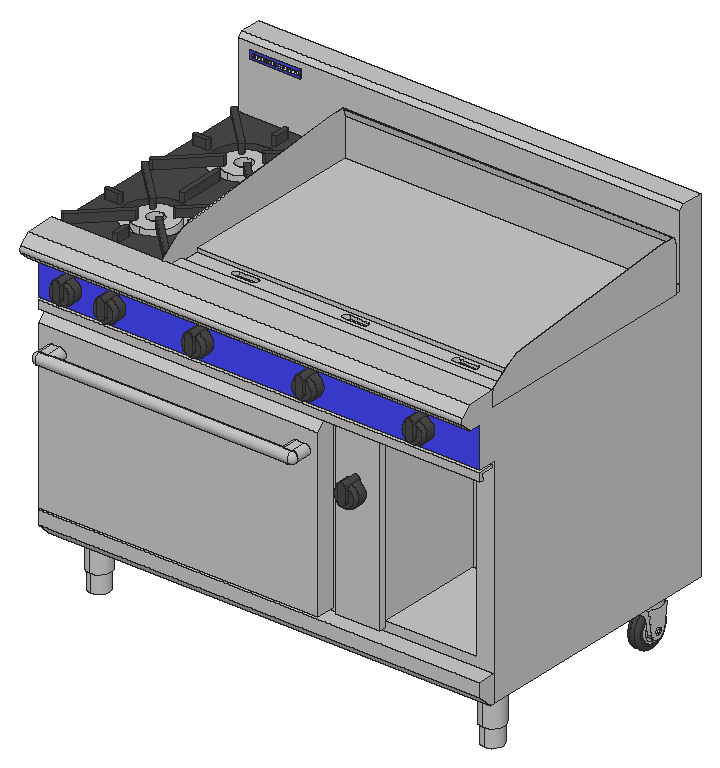
Revit family "QF_MOFFAT_BLUESEAL_CE_G58A", category Specialty Equipment, Revit 2012
Parameters
  Width = 1200 mm
  Weight in Pounds = 584
  Watts = 130 W
  Volts = 230 V
  URL Cutsheet = "www.moffat.com"
  URL = "www.moffat.com"
  Type Mark [instance] = ""
  Status [instance] = ""
  Specification by User [instance] = ""
  Specification by Manufacturer = ""
  Show Logo [instance] = yes
  Show Clearance [instance] = yes
  Show Casters [instance] = yes
  Serial Number = ""
  Seismic Rating = ""
  SMACNA No = ""
  Revision Code [instance] = ""
  Phase = 1
  Omniclass Number and Title = ""
  Number of Poles [instance] = 1
  NAFEM Spec ID Number = ""
  Model = "G58A"
  Min Ckt Ampacity = 0 A
  Mechanical Remarks = ""
  Mechanical Connection Type [instance] = ""
  Max Overcurrent Protection = 0 A
  Masterspec = ""
  Manufacturer = "MOFFAT BLUESEAL"
  Legs [instance] = not(Show Casters)  # no
  Item Number [instance] = ""
  Installed By [instance] = ""
  Identify Quantity as Lot [instance] = yes
  Height = 970 mm
  HP = ""
  Gas Size = 3/4"
  Gas RI Height [instance] = 0 mm
  Gas KW [instance] = 40.5
  Gas Input [instance] = 138381.0 Btu/h
  Gas Connection Height = 0 mm
  Furnished By [instance] = ""
  Foodservice Equipment Identifier [instance] = yes
  FL Amps = 0.6 A
  Electrical Remarks = ""
  Electric Connection Type = ""
  Elec Conn RI Height = 0 mm
  Elec Conn Connection Height = 0 mm
  Description = "1200MM GAS RANGE WITH CONVECTION OVEN"
  Depth = 812 mm
  Cycle = 60 Hz
  Conn Plug = ""
  Conn Conduit = yes
  CSI MasterFormat = ""
  CSI Master Format = ""
  Body Finish = QF_Finishes_Stainless Steel
  Apparent Power = 0 VA
Reference planes
  plane 1 "BACK": y = 0
  plane 2: z = 0
  plane 3 "LEFT": x = 0
  plane 4 "RIGHT": x = 1200
  plane 5 "FRONT": y = -812
  plane 6 "TOP": z = 970
  plane 7 "Center Y": x = 600
  plane 8 "Center X": y = -406
  plane 9: x = 280
  plane 10: y = -574.272
  plane 11: x = 60
  plane 12: y = -304.972
  plane 13: y = -364.972
  plane 14: x = 74
  plane 15: y = -812
  plane 16: x = 1134.5
  plane 17: y = -32
  plane 18: z = 655
  plane 19: x = 65.5
  plane 20: x = 65.8
  plane 21: z = 1085
  plane 22: y = -705
Forms (mm)
  Extrusion 1, solid, material "QF_Finishes_Stainless Steel" <- "Body Finish"
    sketch origin (0, 0, 0) x (0, 1, 0) y (0, 0, 1)
      loop
        line (0, 150) -> (0, 1085) -> (-57.5, 1085) -> (-70, 1072.5) -> (-70, 875) -> (-705, 875) -> (-705, 915) -> (-783.97, 915) -> (-808.49, 890.48)
        arc (-808.49, 890.48) -> (-812.002, 882) -> (-808.49, 873.52) r 11.993
        line (-808.49, 873.52) -> (-784.97, 850) -> (-749, 850) -> (-749, 740) -> (-699, 740) -> (-699, 150) -> (0, 150)
      loop
        line (-749, 222.5) -> (-749, 186) -> (-713.26, 150.26) -> (-701, 150.26) -> (-701, 222.5) -> (-749, 222.5)
      loop
        line (-749, 710) -> (-740.224, 710) -> (-742.613, 726.999) -> (-707.93, 726.999) -> (-707.93, 734.003) -> (-749, 734.003) -> (-749, 710)
    from 0 to 1200
  Extrusion 2, solid, material "QF_Finishes_Stainless Steel"
    sketch origin (0, 7, 0) x (0, 1, 0) y (0, 0, 1)
      loop
        line (-706, 700) -> (-732, 700) -> (-756, 676) -> (-756, 227.5) -> (-706, 227.5) -> (-706, 700)
    from 0 to 760
  Extrusion 3, solid, material "QF_Finishes_Stainless Steel"
    sketch origin (723.5, 7, 0) x (0, 1, 0) y (0, 0, 1)
      loop
        line (-706, 700) -> (-721, 700) -> (-721, 227.5) -> (-706, 227.5) -> (-706, 700)
    from 56.898 to 176.5
  Revolve 4, solid, material "QF_Finishes_Stainless Steel" <- "Body Finish"
    sketch origin (1134.5, -696.126, 0) x (0, 1, 0) y (0, 0, -1)
      loop
        line (39.376, -150) -> (71.126, -150) -> (71.126, 0) -> (43.626, 0) -> (43.626, -50) -> (39.376, -50) -> (39.376, -150)
      axis (71.126, -150) -> (71.126, 0)
    angle from 0 to 360
  Revolve 5, solid, material "QF_Finishes_Stainless Steel" <- "Body Finish"
    sketch origin (65.5, -696.126, 0) x (0, 1, 0) y (0, 0, 1)
      loop
        line (39.376, 150) -> (39.376, 50) -> (43.626, 50) -> (43.626, 0) -> (71.126, 0) -> (71.126, 150) -> (39.376, 150)
      axis (71.126, 150) -> (71.126, 0)
    angle from 0 to 360
  Extrusion 6, solid, material "QF_Finishes_Stainless Steel"
    sketch origin (-64.5, 0, 325) x (1, 0, 0) y (0, 1, 0)
      loop
        circle (1134.5, -32) r 10
    from 330 to 374.856
  Extrusion 7, void
    sketch origin (0, -703.73, 150) x (0, 0, -1) y (-1, 0, 0)
      loop
        line (-526, -900) -> (-526, -1150) -> (-96, -1150) -> (-96, -900) -> (-526, -900)
    from 0 to 304.8
  Extrusion 8, solid, material "QF_Finishes_Black"
    sketch origin (0, -70, 875) x (0, -1, 0) y (1, 0, 0)
      loop
        arc (1, 4) -> (1.879, 1.879) -> (4, 1) r 3
        line (4, 1) -> (632, 1)
        arc (632, 1) -> (634.121, 1.879) -> (635, 4) r 3
        line (635, 4) -> (635, 297.232)
        arc (635, 297.232) -> (634.121, 299.354) -> (632, 300.232) r 3
        line (632, 300.232) -> (4, 300.232)
        arc (4, 300.232) -> (1.879, 299.354) -> (1, 297.232) r 3
        line (1, 297.232) -> (1, 4)
      loop
        circle (167.5, 150) r 85
      loop
        circle (467.768, 150) r 85
    from 0 to 19.5
  Extrusion 9, solid, material "QF_Finishes_Black"
    sketch origin (0, -70, 894.5) x (0, -1, 0) y (1, 0, 0)
      loop
        spline (327.102, 15.153) -> (326.181, 13.924) -> (325.631, 12.47) -> (325.49, 10.89) -> (325.767, 9.292) -> (326.443, 7.786) -> (327.473, 6.473) -> (328.786, 5.443) -> (330.292, 4.767) -> (331.89, 4.49) -> (333.47, 4.631) -> (334.924, 5.181) -> (336.153, 6.102)
        line (336.153, 6.102) -> (444.076, 114.025)
        spline (444.076, 114.025) -> (444.837, 115.095) -> (445.238, 116.399) -> (445.251, 117.851) -> (444.875, 119.35) -> (444.137, 120.795) -> (443.086, 122.086) -> (441.795, 123.137) -> (440.35, 123.875) -> (438.851, 124.251) -> (437.399, 124.238) -> (436.095, 123.837) -> (435.025, 123.076)
        line (435.025, 123.076) -> (327.102, 15.153)
      loop
        line (611.398, 15.153) -> (503.475, 123.076)
        spline (503.475, 123.076) -> (502.405, 123.837) -> (501.101, 124.238) -> (499.649, 124.251) -> (498.15, 123.875) -> (496.705, 123.137) -> (495.414, 122.086) -> (494.363, 120.795) -> (493.625, 119.35) -> (493.249, 117.851) -> (493.262, 116.399) -> (493.663, 115.095) -> (494.424, 114.025)
        line (494.424, 114.025) -> (602.347, 6.102)
        spline (602.347, 6.102) -> (603.416, 5.341) -> (604.721, 4.941) -> (606.172, 4.928) -> (607.671, 5.303) -> (609.116, 6.041) -> (610.408, 7.092) -> (611.459, 8.384) -> (612.197, 9.829) -> (612.572, 11.328) -> (612.559, 12.779) -> (612.159, 14.084) -> (611.398, 15.153)
      loop
        spline (379.102, 143.6) -> (380.396, 143.818) -> (381.602, 144.457) -> (382.638, 145.475) -> (383.432, 146.8) -> (383.932, 148.344) -> (384.102, 150) -> (383.932, 151.656) -> (383.432, 153.2) -> (382.638, 154.525) -> (381.602, 155.543) -> (380.396, 156.182) -> (379.102, 156.4)
        line (379.102, 156.4) -> (259.398, 156.4)
        spline (259.398, 156.4) -> (258.104, 156.182) -> (256.898, 155.543) -> (255.862, 154.525) -> (255.068, 153.2) -> (254.568, 151.656) -> (254.398, 150) -> (254.568, 148.344) -> (255.068, 146.8) -> (255.862, 145.475) -> (256.898, 144.457) -> (258.104, 143.818) -> (259.398, 143.6)
        line (259.398, 143.6) -> (379.102, 143.6)
      loop
        spline (23.602, 15.153) -> (22.681, 13.924) -> (22.131, 12.47) -> (21.99, 10.89) -> (22.267, 9.292) -> (22.943, 7.786) -> (23.973, 6.473) -> (25.286, 5.443) -> (26.792, 4.767) -> (28.39, 4.49) -> (29.97, 4.631) -> (31.424, 5.181) -> (32.653, 6.102)
        line (32.653, 6.102) -> (140.576, 114.025)
        spline (140.576, 114.025) -> (141.337, 115.095) -> (141.738, 116.399) -> (141.751, 117.851) -> (141.375, 119.35) -> (140.637, 120.795) -> (139.586, 122.086) -> (138.295, 123.137) -> (136.85, 123.875) -> (135.351, 124.251) -> (133.899, 124.238) -> (132.595, 123.837) -> (131.525, 123.076)
        line (131.525, 123.076) -> (23.602, 15.153)
      loop
        line (311.398, 15.153) -> (203.475, 123.076)
        spline (203.475, 123.076) -> (202.405, 123.837) -> (201.101, 124.238) -> (199.649, 124.251) -> (198.15, 123.875) -> (196.705, 123.137) -> (195.414, 122.086) -> (194.363, 120.795) -> (193.625, 119.35) -> (193.249, 117.851) -> (193.262, 116.399) -> (193.663, 115.095) -> (194.424, 114.025)
        line (194.424, 114.025) -> (302.347, 6.102)
        spline (302.347, 6.102) -> (303.416, 5.341) -> (304.721, 4.941) -> (306.172, 4.928) -> (307.671, 5.303) -> (309.116, 6.041) -> (310.408, 7.092) -> (311.459, 8.384) -> (312.197, 9.829) -> (312.572, 11.328) -> (312.559, 12.779) -> (312.159, 14.084) -> (311.398, 15.153)
      loop
        line (327.102, 284.847) -> (435.025, 176.924)
        spline (435.025, 176.924) -> (436.095, 176.163) -> (437.399, 175.762) -> (438.851, 175.749) -> (440.35, 176.125) -> (441.795, 176.863) -> (443.086, 177.914) -> (444.137, 179.205) -> (444.875, 180.65) -> (445.251, 182.149) -> (445.238, 183.601) -> (444.837, 184.905) -> (444.076, 185.975)
        line (444.076, 185.975) -> (336.153, 293.898)
        spline (336.153, 293.898) -> (334.924, 294.819) -> (333.47, 295.369) -> (331.89, 295.51) -> (330.292, 295.233) -> (328.786, 294.557) -> (327.473, 293.527) -> (326.443, 292.214) -> (325.767, 290.708) -> (325.49, 289.11) -> (325.631, 287.53) -> (326.181, 286.076) -> (327.102, 284.847)
      loop
        spline (611.398, 284.847) -> (612.159, 285.916) -> (612.559, 287.221) -> (612.572, 288.672) -> (612.197, 290.171) -> (611.459, 291.616) -> (610.408, 292.908) -> (609.116, 293.959) -> (607.671, 294.697) -> (606.172, 295.072) -> (604.721, 295.059) -> (603.416, 294.659) -> (602.347, 293.898)
        line (602.347, 293.898) -> (494.424, 185.975)
        spline (494.424, 185.975) -> (493.663, 184.905) -> (493.262, 183.601) -> (493.249, 182.149) -> (493.625, 180.65) -> (494.363, 179.205) -> (495.414, 177.914) -> (496.705, 176.863) -> (498.15, 176.125) -> (499.649, 175.749) -> (501.101, 175.762) -> (502.405, 176.163) -> (503.475, 176.924)
        line (503.475, 176.924) -> (611.398, 284.847)
      loop
        line (23.602, 284.847) -> (131.525, 176.924)
        spline (131.525, 176.924) -> (132.595, 176.163) -> (133.899, 175.762) -> (135.351, 175.749) -> (136.85, 176.125) -> (138.295, 176.863) -> (139.586, 177.914) -> (140.637, 179.205) -> (141.375, 180.65) -> (141.751, 182.149) -> (141.738, 183.601) -> (141.337, 184.905) -> (140.576, 185.975)
        line (140.576, 185.975) -> (32.653, 293.898)
        spline (32.653, 293.898) -> (31.424, 294.819) -> (29.97, 295.369) -> (28.39, 295.51) -> (26.792, 295.233) -> (25.286, 294.557) -> (23.973, 293.527) -> (22.943, 292.214) -> (22.267, 290.708) -> (21.99, 289.11) -> (22.131, 287.53) -> (22.681, 286.076) -> (23.602, 284.847)
      loop
        spline (311.398, 284.847) -> (312.159, 285.916) -> (312.559, 287.221) -> (312.572, 288.672) -> (312.197, 290.171) -> (311.459, 291.616) -> (310.408, 292.908) -> (309.116, 293.959) -> (307.671, 294.697) -> (306.172, 295.072) -> (304.721, 295.059) -> (303.416, 294.659) -> (302.347, 293.898)
        line (302.347, 293.898) -> (194.424, 185.975)
        spline (194.424, 185.975) -> (193.663, 184.905) -> (193.262, 183.601) -> (193.249, 182.149) -> (193.625, 180.65) -> (194.363, 179.205) -> (195.414, 177.914) -> (196.705, 176.863) -> (198.15, 176.125) -> (199.649, 175.749) -> (201.101, 175.762) -> (202.405, 176.163) -> (203.475, 176.924)
        line (203.475, 176.924) -> (311.398, 284.847)
      loop
        spline (473.9, 292.104) -> (473.682, 293.398) -> (473.043, 294.604) -> (472.025, 295.64) -> (470.7, 296.434) -> (469.156, 296.934) -> (467.5, 297.104) -> (465.844, 296.934) -> (464.3, 296.434) -> (462.975, 295.64) -> (461.957, 294.604) -> (461.318, 293.398) -> (461.1, 292.104)
        line (461.1, 292.104) -> (461.1, 242.13)
        spline (461.1, 242.13) -> (461.318, 240.836) -> (461.957, 239.63) -> (462.975, 238.595) -> (464.3, 237.8) -> (465.844, 237.301) -> (467.5, 237.13) -> (469.156, 237.301) -> (470.7, 237.8) -> (472.025, 238.595) -> (473.043, 239.63) -> (473.682, 240.836) -> (473.9, 242.13)
        line (473.9, 242.13) -> (473.9, 292.104)
      loop
        spline (173.9, 292.104) -> (173.682, 293.398) -> (173.043, 294.604) -> (172.025, 295.64) -> (170.7, 296.434) -> (169.156, 296.934) -> (167.5, 297.104) -> (165.844, 296.934) -> (164.3, 296.434) -> (162.975, 295.64) -> (161.957, 294.604) -> (161.318, 293.398) -> (161.1, 292.104)
        line (161.1, 292.104) -> (161.1, 242.13)
        spline (161.1, 242.13) -> (161.318, 240.836) -> (161.957, 239.63) -> (162.975, 238.595) -> (164.3, 237.8) -> (165.844, 237.301) -> (167.5, 237.13) -> (169.156, 237.301) -> (170.7, 237.8) -> (172.025, 238.595) -> (173.043, 239.63) -> (173.682, 240.836) -> (173.9, 242.13)
        line (173.9, 242.13) -> (173.9, 292.104)
      loop
        spline (65.602, 143.6) -> (66.896, 143.818) -> (68.102, 144.457) -> (69.138, 145.475) -> (69.932, 146.8) -> (70.432, 148.344) -> (70.602, 150) -> (70.432, 151.656) -> (69.932, 153.2) -> (69.138, 154.525) -> (68.102, 155.543) -> (66.896, 156.182) -> (65.602, 156.4)
        line (65.602, 156.4) -> (29.398, 156.4)
        spline (29.398, 156.4) -> (28.104, 156.182) -> (26.898, 155.543) -> (25.862, 154.525) -> (25.068, 153.2) -> (24.568, 151.656) -> (24.398, 150) -> (24.568, 148.344) -> (25.068, 146.8) -> (25.862, 145.475) -> (26.898, 144.457) -> (28.104, 143.818) -> (29.398, 143.6)
        line (29.398, 143.6) -> (65.602, 143.6)
      loop
        spline (605.602, 143.6) -> (606.896, 143.818) -> (608.102, 144.457) -> (609.138, 145.475) -> (609.932, 146.8) -> (610.432, 148.344) -> (610.602, 150) -> (610.432, 151.656) -> (609.932, 153.2) -> (609.138, 154.525) -> (608.102, 155.543) -> (606.896, 156.182) -> (605.602, 156.4)
        line (605.602, 156.4) -> (569.398, 156.4)
        spline (569.398, 156.4) -> (568.104, 156.182) -> (566.898, 155.543) -> (565.862, 154.525) -> (565.068, 153.2) -> (564.568, 151.656) -> (564.398, 150) -> (564.568, 148.344) -> (565.068, 146.8) -> (565.862, 145.475) -> (566.898, 144.457) -> (568.104, 143.818) -> (569.398, 143.6)
        line (569.398, 143.6) -> (605.602, 143.6)
      loop
        line (460.626, 50.584) -> (460.626, 16.591)
        spline (460.626, 16.591) -> (460.844, 15.297) -> (461.483, 14.091) -> (462.501, 13.055) -> (463.826, 12.261) -> (465.37, 11.761) -> (467.026, 11.591) -> (468.682, 11.761) -> (470.226, 12.261) -> (471.551, 13.055) -> (472.569, 14.091) -> (473.208, 15.297) -> (473.426, 16.591)
        line (473.426, 16.591) -> (473.426, 50.584)
        spline (473.426, 50.584) -> (473.208, 51.878) -> (472.569, 53.084) -> (471.551, 54.119) -> (470.226, 54.914) -> (468.682, 55.413) -> (467.026, 55.584) -> (465.37, 55.413) -> (463.826, 54.914) -> (462.501, 54.119) -> (461.483, 53.084) -> (460.844, 51.878) -> (460.626, 50.584)
      loop
        line (160.11, 50.584) -> (160.11, 16.591)
        spline (160.11, 16.591) -> (160.328, 15.297) -> (160.967, 14.091) -> (161.984, 13.055) -> (163.31, 12.261) -> (164.853, 11.761) -> (166.51, 11.591) -> (168.166, 11.761) -> (169.71, 12.261) -> (171.035, 13.055) -> (172.052, 14.091) -> (172.692, 15.297) -> (172.91, 16.591)
        line (172.91, 16.591) -> (172.91, 50.584)
        spline (172.91, 50.584) -> (172.692, 51.878) -> (172.052, 53.084) -> (171.035, 54.119) -> (169.71, 54.914) -> (168.166, 55.413) -> (166.51, 55.584) -> (164.853, 55.413) -> (163.31, 54.914) -> (161.984, 54.119) -> (160.967, 53.084) -> (160.328, 51.878) -> (160.11, 50.584)
    from 0 to 23.5
  Revolve 10, solid, material "QF_Finishes_Black"
    sketch origin (90.649, 45.874, -0.118) x (0, 1, 0) y (0, 0, -1)
      loop
        line (-827.874, -829.5) -> (-804.874, -829.5) -> (-804.874, -802) -> (-794.874, -802) -> (-794.874, -797) -> (-838.874, -797) -> (-838.874, -823.651) -> (-827.874, -829.5)
      axis (-838.874, -797) -> (-794.874, -797)
    angle from 0 to 360
  Revolve 11, solid, material "QF_Finishes_Black"
    sketch origin (210.649, 45.874, -0.118) x (0, 1, 0) y (0, 0, -1)
      loop
        line (-827.874, -829.5) -> (-804.874, -829.5) -> (-804.874, -802) -> (-794.874, -802) -> (-794.874, -797) -> (-838.874, -797) -> (-838.874, -823.651) -> (-827.874, -829.5)
      axis (-838.874, -797) -> (-794.874, -797)
    angle from 0 to 360
  Revolve 12, solid, material "QF_Finishes_Black"
    sketch origin (450.345, 45.874, -0.118) x (0, 1, 0) y (0, 0, -1)
      loop
        line (-827.874, -829.5) -> (-804.874, -829.5) -> (-804.874, -802) -> (-794.874, -802) -> (-794.874, -797) -> (-838.874, -797) -> (-838.874, -823.651) -> (-827.874, -829.5)
      axis (-838.874, -797) -> (-794.874, -797)
    angle from 0 to 360
  Extrusion 13, solid, material "QF_Finishes_Black"
    sketch origin (238.456, 7, -0.118) x (-1, 0, 0) y (0, 0, -1)
      loop
        arc (158.3, -789) -> (148.3, -779) -> (138.3, -789) r 10
        line (138.3, -789) -> (138.3, -824)
        arc (138.3, -824) -> (148.3, -834) -> (158.3, -824) r 10
        line (158.3, -824) -> (158.3, -789)
    from 759 to 808
  Extrusion 14, solid, material "QF_Finishes_Black"
    sketch origin (358.456, 7, -0.118) x (-1, 0, 0) y (0, 0, -1)
      loop
        arc (158.3, -789) -> (148.3, -779) -> (138.3, -789) r 10
        line (138.3, -789) -> (138.3, -824)
        arc (138.3, -824) -> (148.3, -834) -> (158.3, -824) r 10
        line (158.3, -824) -> (158.3, -789)
    from 759 to 808
  Extrusion 15, solid, material "QF_Finishes_Black"
    sketch origin (598.152, 7, -0.118) x (-1, 0, 0) y (0, 0, -1)
      loop
        arc (158.3, -789) -> (148.3, -779) -> (138.3, -789) r 10
        line (138.3, -789) -> (138.3, -824)
        arc (138.3, -824) -> (148.3, -834) -> (158.3, -824) r 10
        line (158.3, -824) -> (158.3, -789)
    from 759 to 808
  Revolve 16, solid, material "QF_Finishes_Black"
    sketch origin (836.851, 80.874, -246.368) x (0, 1, 0) y (0, 0, 1)
      loop
        line (-827.874, 829.5) -> (-838.874, 823.651) -> (-838.874, 797) -> (-794.874, 797) -> (-794.874, 802) -> (-804.874, 802) -> (-804.874, 829.5) -> (-827.874, 829.5)
      axis (-838.874, 797) -> (-794.874, 797)
    angle from 0 to 360
  Extrusion 17, solid, material "QF_Finishes_Black"
    sketch origin (389.044, 42, -246.368) x (1, 0, 0) y (0, 0, 1)
      loop
        line (458.3, 789) -> (458.3, 824)
        arc (458.3, 824) -> (448.3, 834) -> (438.3, 824) r 10
        line (438.3, 824) -> (438.3, 789)
        arc (438.3, 789) -> (448.3, 779) -> (458.3, 789) r 10
    from 759 to 808
  Extrusion 18, solid, material "QF_Door-Drawer Clearances", visible <- "Show Clearance", detail levels coarse
    sketch origin (760, 7, 0) x (0, 1, 0) y (0, 0, 1)
      loop
        arc (-756, 697.347) -> (-1088.232, 559.732) -> (-1225.847, 227.5) r 469.847
        line (-1225.847, 227.5) -> (-756, 227.5) -> (-756, 697.347)
    from 0 to -760
  Extrusion 19, void
    sketch origin (0, 0, 150) x (-1, 0, 0) y (0, -1, 0)
      loop
        line (-1133.988, 87.26) -> (-1133.988, -30.24) -> (-1004.488, -30.24) -> (-1004.488, 38.76) -> (-1052.988, 87.26) -> (-1133.988, 87.26)
    from 72.5 to 549.856
  Extrusion 20, solid, material "QF_Finishes_Stainless Steel"
    sketch origin (0, -749, 227.5) x (0, 0, 1) y (-1, 0, 0)
      loop
        line (380.625, -38.246) -> (380.625, -58.528)
        arc (380.625, -58.528) -> (395.625, -73.528) -> (410.625, -58.528) r 15
        line (410.625, -58.528) -> (410.625, -38.246)
        arc (410.625, -38.246) -> (395.625, -23.246) -> (380.625, -38.246) r 15
      loop
        arc (380.625, -723.039) -> (395.625, -738.039) -> (410.625, -723.039) r 15
        line (410.625, -723.039) -> (410.625, -702.757)
        arc (410.625, -702.757) -> (395.625, -687.757) -> (380.625, -702.757) r 15
        line (380.625, -702.757) -> (380.625, -723.039)
    from 0 to 44
  Revolve 21, solid, material "QF_Finishes_Stainless Steel"
    sketch origin (0, -793, 0) x (1, 0, 0) y (0, 0, 1)
      loop
        arc (738.039, 623.125) -> (733.646, 633.732) -> (723.039, 638.125) r 15
        line (723.039, 638.125) -> (38.246, 638.125)
        arc (38.246, 638.125) -> (27.64, 633.732) -> (23.246, 623.125) r 15
        line (23.246, 623.125) -> (738.039, 623.125)
      axis (738.039, 623.125) -> (23.246, 623.125)
    angle from 0 to 360
  Extrusion 22, solid, material "QF_Finishes_Stainless Steel"
    sketch origin (0, -70, 875) x (0, -1, 0) y (1, 0, 0)
      loop
        circle (467.5, 150) r 57
      loop
        circle (167.5, 150) r 57
      loop
        circle (467.5, 150) r 22
      loop
        circle (167.5, 150) r 22
    from 0 to 19.5
  Extrusion 23, solid, material "QF_Finishes_Stainless Steel"
    sketch origin (0, 0, 0) x (1, 0, 0) y (0, 1, 0)
      loop
        circle (826, -501) r 6.35
    from 148.072 to 150
  Extrusion 24, solid, material "QF_Finishes_Stainless Steel", visible <- "Show Casters"
    sketch origin (71.501, 133.353, -8.783) x (0, 1, 0) y (0, 0, 1)
      loop
        line (-201.603, 118.783) -> (-265.103, 118.783) -> (-252.746, 53.895)
        arc (-252.746, 53.895) -> (-233.353, 38.783) -> (-213.959, 53.895) r 20
        line (-213.959, 53.895) -> (-201.603, 118.783)
    from -35.667 to 22.923
  Revolve 25, solid, material "QF_Finishes_Stainless Steel", visible <- "Show Casters"
    sketch origin (65, -203, 0) x (0, 1, 0) y (0, 0, 1)
      loop
        line (67.25, 150) -> (67.25, 110) -> (103, 110) -> (103, 150) -> (67.25, 150)
      axis (103, 150) -> (103, 110)
    angle from 0 to 360
  Revolve 26, solid, material "QF_Finishes_Stainless Steel", visible <- "Show Casters"
    sketch origin (1134.5, -203, 0) x (0, 1, 0) y (0, 0, -1)
      loop
        line (67.25, -150) -> (103, -150) -> (103, -110) -> (67.25, -110) -> (67.25, -150)
      axis (103, -150) -> (103, -110)
    angle from 0 to 360
  Revolve 27, solid, material "QF_Finishes_Stainless Steel", visible <- "Show Casters"
    sketch origin (1085.276, -99.755, -13.653) x (1, 0, 0) y (0, 0, 1)
      loop
        line (14.841, 64.453) -> (83.584, 64.453) -> (83.584, 67.958) -> (82.314, 69.228) -> (80.79, 69.228) -> (80.79, 72.674) -> (68.644, 72.674) -> (68.644, 82.639) -> (65.088, 84.692) -> (63.738, 93.028) -> (65.881, 93.028) -> (65.881, 99.378) -> (65.088, 99.378) -> (65.088, 105.728)
        arc (65.088, 105.728) -> (62.298, 112.463) -> (55.563, 115.253) r 9.525
        line (55.563, 115.253) -> (42.863, 115.253)
        arc (42.863, 115.253) -> (36.127, 112.463) -> (33.338, 105.728) r 9.525
        line (33.338, 105.728) -> (33.338, 99.378) -> (32.544, 99.378) -> (32.544, 93.028) -> (34.687, 93.028) -> (33.352, 84.781) -> (29.782, 82.719) -> (29.782, 72.674) -> (17.635, 72.674) -> (17.635, 69.228) -> (16.111, 69.228) -> (14.841, 67.958) -> (14.841, 64.453)
      axis (14.841, 64.453) -> (83.584, 64.453)
    angle from 0 to 360
  Extrusion 28, solid, material "QF_Finishes_Stainless Steel", visible <- "Show Casters"
    sketch origin (1141.001, 133.353, -8.783) x (0, 1, 0) y (0, 0, 1)
      loop
        line (-201.603, 118.783) -> (-265.103, 118.783) -> (-252.746, 53.895)
        arc (-252.746, 53.895) -> (-233.353, 38.783) -> (-213.959, 53.895) r 20
        line (-213.959, 53.895) -> (-201.603, 118.783)
    from -35.667 to 22.923
  Revolve 29, solid, material "QF_Finishes_Stainless Steel", visible <- "Legs"
    sketch origin (65, -165, 0) x (0, 1, 0) y (0, 0, 1)
      loop
        line (33.25, 150) -> (33.25, 50) -> (37.5, 50) -> (37.5, 0) -> (65, 0) -> (65, 150) -> (33.25, 150)
      axis (65, 150) -> (65, 0)
    angle from 0 to 360
  Revolve 30, solid, material "QF_Finishes_Stainless Steel", visible <- "Legs"
    sketch origin (1134.5, -165, 0) x (0, 1, 0) y (0, 0, -1)
      loop
        line (33.25, -150) -> (65, -150) -> (65, 0) -> (37.5, 0) -> (37.5, -50) -> (33.25, -50) -> (33.25, -150)
      axis (65, -150) -> (65, 0)
    angle from 0 to 360
  Revolve 31, solid, material "QF_Finishes_Stainless Steel", visible <- "Show Casters"
    sketch origin (114.224, -99.755, -13.653) x (-1, 0, 0) y (0, 0, -1)
      loop
        line (14.841, -64.453) -> (14.841, -67.958) -> (16.111, -69.228) -> (17.635, -69.228) -> (17.635, -72.674) -> (29.782, -72.674) -> (29.782, -82.719) -> (33.352, -84.781) -> (34.687, -93.028) -> (32.544, -93.028) -> (32.544, -99.378) -> (33.338, -99.378) -> (33.338, -105.728)
        arc (33.338, -105.728) -> (36.127, -112.463) -> (42.863, -115.253) r 9.525
        line (42.863, -115.253) -> (55.563, -115.253)
        arc (55.563, -115.253) -> (62.298, -112.463) -> (65.088, -105.728) r 9.525
        line (65.088, -105.728) -> (65.088, -99.378) -> (65.881, -99.378) -> (65.881, -93.028) -> (63.738, -93.028) -> (65.088, -84.692) -> (68.644, -82.639) -> (68.644, -72.674) -> (80.79, -72.674) -> (80.79, -69.228) -> (82.314, -69.228) -> (83.584, -67.958) -> (83.584, -64.453) -> (14.841, -64.453)
      axis (14.841, -64.453) -> (83.584, -64.453)
    angle from 0 to 360
  Revolve 32, solid, material "QF_Finishes_Black"
    sketch origin (750.232, 45.874, -0.118) x (0, 1, 0) y (0, 0, -1)
      loop
        line (-827.874, -829.5) -> (-804.874, -829.5) -> (-804.874, -802) -> (-794.874, -802) -> (-794.874, -797) -> (-838.874, -797) -> (-838.874, -823.651) -> (-827.874, -829.5)
      axis (-838.874, -797) -> (-794.874, -797)
    angle from 0 to 360
  Extrusion 33, solid, material "QF_Finishes_Black"
    sketch origin (898.039, 7, -0.118) x (-1, 0, 0) y (0, 0, -1)
      loop
        arc (158.3, -789) -> (148.3, -779) -> (138.3, -789) r 10
        line (138.3, -789) -> (138.3, -824)
        arc (138.3, -824) -> (148.3, -834) -> (158.3, -824) r 10
        line (158.3, -824) -> (158.3, -789)
    from 759 to 808
  Revolve 34, solid, material "QF_Finishes_Black"
    sketch origin (1050.119, 45.874, -0.118) x (0, 1, 0) y (0, 0, -1)
      loop
        line (-827.874, -829.5) -> (-804.874, -829.5) -> (-804.874, -802) -> (-794.874, -802) -> (-794.874, -797) -> (-838.874, -797) -> (-838.874, -823.651) -> (-827.874, -829.5)
      axis (-838.874, -797) -> (-794.874, -797)
    angle from 0 to 360
  Extrusion 35, solid, material "QF_Finishes_Black"
    sketch origin (1197.926, 7, -0.118) x (-1, 0, 0) y (0, 0, -1)
      loop
        arc (158.3, -789) -> (148.3, -779) -> (138.3, -789) r 10
        line (138.3, -789) -> (138.3, -824)
        arc (138.3, -824) -> (148.3, -834) -> (158.3, -824) r 10
        line (158.3, -824) -> (158.3, -789)
    from 759 to 808
Cuts and joins
  Extrusion 7, Extrusion 19 cuts Extrusion 1
Lines and regions (mm)
  Split face 1
    outline origin (1200, 0, 1085) x (-1, 0, 0) y (0, -1, 0)
      loop
        arc (935.206, 45.185) -> (926.545, 40.185) -> (926.545, 30.185) r 10
        line (926.545, 30.185) -> (930.587, 23.185)
        arc (930.587, 23.185) -> (934.247, 19.525) -> (939.247, 18.185) r 10
        line (939.247, 18.185) -> (1167.206, 18.185)
        arc (1167.206, 18.185) -> (1175.866, 23.185) -> (1175.866, 33.185) r 10
        line (1175.866, 33.185) -> (1171.824, 40.185)
        arc (1171.824, 40.185) -> (1168.164, 43.845) -> (1163.164, 45.185) r 10
        line (1163.164, 45.185) -> (935.206, 45.185)
  Split face 2
    outline origin (1200, 0, 1085) x (-1, 0, 0) y (0, -1, 0)
      loop
        arc (635.206, 45.185) -> (626.545, 40.185) -> (626.545, 30.185) r 10
        line (626.545, 30.185) -> (630.587, 23.185)
        arc (630.587, 23.185) -> (634.247, 19.525) -> (639.247, 18.185) r 10
        line (639.247, 18.185) -> (867.206, 18.185)
        arc (867.206, 18.185) -> (875.866, 23.185) -> (875.866, 33.185) r 10
        line (875.866, 33.185) -> (871.824, 40.185)
        arc (871.824, 40.185) -> (868.164, 43.845) -> (863.164, 45.185) r 10
        line (863.164, 45.185) -> (635.206, 45.185)
  Split face 3
    outline origin (1200, 0, 1085) x (-1, 0, 0) y (0, -1, 0)
      loop
        arc (335.206, 45.185) -> (326.545, 40.185) -> (326.545, 30.185) r 10
        line (326.545, 30.185) -> (330.587, 23.185)
        arc (330.587, 23.185) -> (334.247, 19.525) -> (339.247, 18.185) r 10
        line (339.247, 18.185) -> (567.206, 18.185)
        arc (567.206, 18.185) -> (575.866, 23.185) -> (575.866, 33.185) r 10
        line (575.866, 33.185) -> (571.824, 40.185)
        arc (571.824, 40.185) -> (568.164, 43.845) -> (563.164, 45.185) r 10
        line (563.164, 45.185) -> (335.206, 45.185)
  Split face 4
    outline origin (1200, 0, 1085) x (-1, 0, 0) y (0, -1, 0)
      loop
        arc (35.206, 45.185) -> (26.545, 40.185) -> (26.545, 30.185) r 10
        line (26.545, 30.185) -> (30.587, 23.185)
        arc (30.587, 23.185) -> (34.247, 19.525) -> (39.247, 18.185) r 10
        line (39.247, 18.185) -> (267.206, 18.185)
        arc (267.206, 18.185) -> (275.866, 23.185) -> (275.866, 33.185) r 10
        line (275.866, 33.185) -> (271.824, 40.185)
        arc (271.824, 40.185) -> (268.164, 43.845) -> (263.164, 45.185) r 10
        line (263.164, 45.185) -> (35.206, 45.185)
  symbolic lines
    curve 1: line (0, 0, 0) -> (0, -812, 0)
    curve 2: line (1200, 0, 0) -> (0, 0, 0)
    curve 3: line (1200, -812, 0) -> (1200, 0, 0)
    curve 4: line (0, -70, 0) -> (1200, -70, 0)
    curve 5: line (1200, -812, 0) -> (0, -812, 0)
    curve 6: line (1200, -708.3, 0) -> (0, -708.3, 0)
    curve 7: line (0, -705, 0) -> (1200, -705, 0)
    curve 8: line (1200, -72.734, 0) -> (0, -72.734, 0)
    curve 9: arc (22.65, -812, 0) -> (34.104, -822.278, 0) -> (48.889, -826.544, 0) r 34.455
    curve 10: line (48.889, -826.544, 0) -> (718.108, -826.544, 0)
    curve 11: arc (718.108, -826.544, 0) -> (732.653, -822.647, 0) -> (743.3, -812, 0) r 29.089
    curve 12: line (6.08, -94.387, 0) -> (121.515, -209.822, 0)
    curve 13: line (293.92, -94.387, 0) -> (178.485, -209.822, 0)
    curve 14: line (6.83, -379.864, 0) -> (121.515, -265.178, 0)
    curve 15: line (292.516, -379.21, 0) -> (178.485, -265.178, 0)
    curve 16: line (6.08, -398.155, 0) -> (121.515, -510.089, 0)
    curve 17: line (293.92, -398.155, 0) -> (178.485, -510.089, 0)
    curve 18: line (9.883, -677.078, 0) -> (121.515, -565.446, 0)
    curve 19: line (291.622, -678.583, 0) -> (178.485, -565.446, 0)
    curve 20: arc (150, -294.5, 0) -> (207, -237.5, 0) -> (150, -180.5, 0) r 57
    curve 21: arc (150, -180.5, 0) -> (93, -237.5, 0) -> (150, -294.5, 0) r 57
    curve 22: arc (150, -594.5, 0) -> (207, -537.5, 0) -> (150, -480.5, 0) r 57
    curve 23: arc (150, -480.5, 0) -> (93, -537.5, 0) -> (150, -594.5, 0) r 57
    curve 24: line (297.78, -237.81, 0) -> (237.78, -237.81, 0)
    curve 25: line (149.618, -450.258, 0) -> (149.618, -325.258, 0)
    curve 26: line (297.78, -537.81, 0) -> (237.78, -537.81, 0)
    curve 27: line (149.197, -139.807, 0) -> (149.197, -94.807, 0)
    curve 28: line (149.197, -674.807, 0) -> (149.197, -634.807, 0)
    curve 29: line (49.678, -236.51, 0) -> (14.678, -236.51, 0)
    curve 30: line (49.678, -536.51, 0) -> (14.678, -536.51, 0)
    curve 34: arc (150, -322.5, 0) -> (65, -237.5, 0) -> (150, -152.5, 0) r 85
    curve 35: arc (150, -152.5, 0) -> (235, -237.5, 0) -> (150, -322.5, 0) r 85
    curve 36: arc (150, -452.768, 0) -> (235, -537.768, 0) -> (150, -622.768, 0) r 85
    curve 37: arc (150, -622.768, 0) -> (65, -537.768, 0) -> (150, -452.768, 0) r 85
    curve 38: line (300.232, -72.734, 0) -> (300.232, -705, 0)
    curve 39: line (0, -390.308, 0) -> (300.232, -390.308, 0)
    curve 40: arc (150, -215.5, 0) -> (172, -237.5, 0) -> (150, -259.5, 0) r 22
    curve 41: arc (150, -259.5, 0) -> (128, -237.5, 0) -> (150, -215.5, 0) r 22
    curve 42: arc (150, -515.5, 0) -> (172, -537.5, 0) -> (150, -559.5, 0) r 22
    curve 43: arc (150, -559.5, 0) -> (128, -537.5, 0) -> (150, -515.5, 0) r 22
    curve 44: line (1160.753, -18.185, 0) -> (932.794, -18.185, 0)
    curve 45: arc (932.794, -18.185, 0) -> (924.134, -23.185, 0) -> (924.134, -33.185, 0) r 10
    curve 46: line (924.134, -33.185, 0) -> (928.176, -40.185, 0)
    curve 47: arc (928.176, -40.185, 0) -> (931.836, -43.845, 0) -> (936.836, -45.185, 0) r 10
    curve 48: line (936.836, -45.185, 0) -> (1164.794, -45.185, 0)
    curve 49: arc (1164.794, -45.185, 0) -> (1173.455, -40.185, 0) -> (1173.455, -30.185, 0) r 10
    curve 50: line (1173.455, -30.185, 0) -> (1169.413, -23.185, 0)
    curve 51: arc (1169.413, -23.185, 0) -> (1165.753, -19.525, 0) -> (1160.753, -18.185, 0) r 10
    curve 52: line (632.794, -18.185, 0) -> (860.753, -18.185, 0)
    curve 53: arc (860.753, -18.185, 0) -> (865.753, -19.525, 0) -> (869.413, -23.185, 0) r 10
    curve 54: line (869.413, -23.185, 0) -> (873.455, -30.185, 0)
    curve 55: arc (873.455, -30.185, 0) -> (873.455, -40.185, 0) -> (864.794, -45.185, 0) r 10
    curve 56: line (864.794, -45.185, 0) -> (636.836, -45.185, 0)
    curve 57: arc (636.836, -45.185, 0) -> (631.836, -43.845, 0) -> (628.176, -40.185, 0) r 10
    curve 58: line (628.176, -40.185, 0) -> (624.134, -33.185, 0)
    curve 59: arc (624.134, -33.185, 0) -> (624.134, -23.185, 0) -> (632.794, -18.185, 0) r 10
    curve 60: line (332.794, -18.185, 0) -> (560.753, -18.185, 0)
    curve 61: arc (560.753, -18.185, 0) -> (565.753, -19.525, 0) -> (569.413, -23.185, 0) r 10
    curve 62: line (569.413, -23.185, 0) -> (573.455, -30.185, 0)
    curve 63: arc (573.455, -30.185, 0) -> (573.455, -40.185, 0) -> (564.794, -45.185, 0) r 10
    curve 64: line (564.794, -45.185, 0) -> (336.836, -45.185, 0)
    curve 65: arc (336.836, -45.185, 0) -> (331.836, -43.845, 0) -> (328.176, -40.185, 0) r 10
    curve 66: line (328.176, -40.185, 0) -> (324.134, -33.185, 0)
    curve 67: arc (324.134, -33.185, 0) -> (324.134, -23.185, 0) -> (332.794, -18.185, 0) r 10
    curve 68: line (260.753, -18.185, 0) -> (32.794, -18.185, 0)
    curve 69: arc (32.794, -18.185, 0) -> (24.134, -23.185, 0) -> (24.134, -33.185, 0) r 10
    curve 70: line (24.134, -33.185, 0) -> (28.176, -40.185, 0)
    curve 71: arc (28.176, -40.185, 0) -> (31.836, -43.845, 0) -> (36.836, -45.185, 0) r 10
    curve 72: line (36.836, -45.185, 0) -> (264.794, -45.185, 0)
    curve 73: arc (264.794, -45.185, 0) -> (273.455, -40.185, 0) -> (273.455, -30.185, 0) r 10
    curve 74: line (273.455, -30.185, 0) -> (269.413, -23.185, 0)
    curve 75: arc (269.413, -23.185, 0) -> (265.753, -19.525, 0) -> (260.753, -18.185, 0) r 10
    curve 76: line (0, -57.5, 0) -> (1200, -57.5, 0)
    curve 77: line (0, -783.97, 0) -> (1200, -783.97, 0)
  symbolic lines, style "QF_Door-Drawer Clearances", visible <- "Show Clearance"
    curve 31: line (0, -1218.847, 0) -> (760, -1218.847, 0)
    curve 32: line (760, -1218.847, 0) -> (760, -812, 0)
    curve 33: line (0, -1218.847, 0) -> (0, -812, 0)
Dimensions and locks
  equal spacing: plane 3 "LEFT", plane 7 "Center Y", plane 4 "RIGHT"
  "Width": plane 3 "LEFT" to plane 4 "RIGHT"
  equal spacing: plane 5 "FRONT", plane 8 "Center X", plane 1 "BACK"
  plane 5 "FRONT" to plane 1 "BACK" = 812 mm  (x2)
  equal spacing: plane 4 "RIGHT", plane 7 "Center Y", plane 3 "LEFT"
  plane 4 "RIGHT" to plane 3 "LEFT" = 1200 mm
  "Height": plane 6 "TOP" to level
  plane 10 to plane 1 "BACK" = 574.272 mm
  plane 12 to plane 1 "BACK" = 304.972 mm  (x2)
  plane 11 to plane 3 "LEFT" = 60 mm
  plane 14 to plane 3 "LEFT" = 74 mm
  plane 9 to plane 3 "LEFT" = 280 mm
  "Depth": plane 1 "BACK" to plane 15
  plane 5 "FRONT" to plane 15 = 0 mm
  plane 6 "TOP" to plane 2 = 970 mm
  plane 2 to Extrusion 1 sketch curve = 875 mm
  locked: plane 2 to Extrusion 1 sketch curve at 915
  locked: plane 4 "RIGHT" to plane 16 at 65.5
  Extrusion 8 sketch curve to plane 20 = 64.8 mm
  Extrusion 23 sketch curve to plane 4 "RIGHT" = 374 mm
  Extrusion 23 sketch curve to plane 1 "BACK" = 501 mm
  plane 21 to level = 1085 mm
  Revolve 27 sketch curve to Revolve 27 sketch curve = 50.8 mm
  Revolve 31 sketch curve to Revolve 31 sketch curve = 50.8 mm
  aligned and locked: level to plane 2
  aligned and locked: curve 3 to plane 4 "RIGHT"
  aligned and locked: Extrusion 1 to plane 4 "RIGHT"
  aligned and locked: plane 16 to Revolve 4
  aligned and locked: Extrusion 18 to Extrusion 2
Automatic sketch dimensions
  curve 20 to curve 34 = 0 mm
  curve 21 to curve 35 = 0 mm
  curve 21 to curve 41 = 0 mm
  curve 22 to curve 43 = 0 mm
  curve 23 to curve 43 = 0 mm
  curve 35 to curve 41 = 0 mm
  plane 1 "BACK" to curve 1 = 0 mm
  curve 1 to plane 3 "LEFT" = 0 mm
  plane 5 "FRONT" to curve 9 = 0 mm
  plane 22 to curve 38 = 0 mm
  plane 3 "LEFT" to curve 16 = 6.08 mm
  plane 3 "LEFT" to curve 12 = 6.08 mm
  plane 3 "LEFT" to curve 14 = 6.83 mm
  plane 3 "LEFT" to curve 18 = 9.883 mm
  plane 3 "LEFT" to curve 29 = 14.678 mm
  plane 3 "LEFT" to curve 30 = 14.678 mm
  plane 3 "LEFT" to curve 9 = 22.65 mm
  curve 70 to plane 17 = 1.185 mm
  plane 3 "LEFT" to curve 70 = 24.134 mm
  curve 69 to curve 71 = 4.041 mm
  curve 69 to curve 69 = 8.66 mm
  curve 71 to curve 71 = 8.66 mm
  curve 10 to plane 11 = 11.111 mm
  curve 29 to plane 11 = 10.322 mm
  curve 30 to plane 11 = 10.322 mm
  curve 9 to plane 11 = 9.192 mm
  plane 10 to curve 18 = 8.826 mm
  plane 14 to curve 18 = 47.515 mm
  plane 14 to curve 14 = 47.515 mm
  plane 14 to curve 12 = 47.515 mm
  plane 14 to curve 16 = 47.515 mm
  curve 18 to curve 28 = 27.682 mm
  plane 14 to curve 27 = 75.197 mm
  curve 25 to plane 12 = 20.285 mm
  curve 14 to curve 25 = 28.103 mm
  curve 16 to curve 22 = 28.485 mm
  curve 12 to curve 41 = 28.485 mm
  curve 25 to curve 37 = 0.382 mm
  curve 42 to curve 17 = 28.485 mm
  curve 40 to curve 13 = 28.485 mm
  plane 10 to curve 19 = 8.826 mm
  curve 42 to curve 19 = 28.485 mm
  plane 12 to curve 15 = 39.794 mm
  curve 40 to curve 15 = 28.485 mm
  curve 24 to plane 9 = 42.22 mm
  curve 26 to plane 9 = 42.22 mm
  curve 68 to plane 9 = 19.247 mm
  curve 73 to plane 9 = 15.206 mm
  curve 75 to curve 75 = 8.66 mm
  plane 17 to curve 74 = 1.815 mm
  curve 74 to plane 9 = 6.545 mm
  plane 9 to curve 19 = 11.622 mm
  plane 9 to curve 15 = 12.516 mm
  plane 9 to curve 13 = 13.92 mm
  plane 9 to curve 17 = 13.92 mm
  plane 9 to curve 24 = 17.78 mm
  plane 9 to curve 26 = 17.78 mm
  plane 9 to curve 38 = 20.232 mm
  curve 67 to plane 17 = 1.185 mm
  plane 9 to curve 67 = 44.134 mm
  curve 66 to plane 17 = 8.185 mm
  curve 66 to curve 66 = 4.041 mm
  plane 17 to curve 67 = 13.815 mm
  curve 67 to curve 67 = 8.66 mm
  curve 65 to curve 64 = 8.66 mm
  curve 60 to plane 7 "Center Y" = 39.247 mm
  curve 61 to curve 64 = 4.041 mm
  curve 61 to curve 61 = 8.66 mm
  plane 17 to curve 63 = 1.815 mm
  curve 61 to curve 63 = 4.041 mm
  curve 59 to plane 17 = 1.185 mm
  plane 7 "Center Y" to curve 59 = 24.134 mm
  curve 59 to curve 57 = 4.041 mm  (x2)
  plane 17 to curve 59 = 13.815 mm
  curve 59 to curve 59 = 8.66 mm
  curve 57 to plane 17 = 3.185 mm
  curve 55 to plane 17 = 3.185 mm
  curve 53 to curve 55 = 4.041 mm
  plane 17 to curve 54 = 8.815 mm
  curve 53 to curve 54 = 8.66 mm
  plane 17 to curve 55 = 1.815 mm
  curve 54 to curve 55 = 4.041 mm
  curve 46 to plane 17 = 1.185 mm
  curve 54 to curve 46 = 50.679 mm
  curve 45 to curve 47 = 4.041 mm  (x2)
  curve 45 to curve 44 = 8.66 mm
  curve 47 to plane 17 = 3.185 mm
  plane 17 to curve 44 = 13.815 mm
  plane 16 to curve 44 = 26.253 mm
  curve 49 to plane 17 = 3.185 mm
  curve 51 to curve 49 = 4.041 mm
  curve 51 to curve 51 = 8.66 mm
  plane 17 to curve 50 = 1.815 mm
  curve 51 to curve 50 = 4.041 mm
  plane 5 "FRONT" to curve 9 = 14.544 mm
  curve 33 to curve 9 = 392.303 mm
  curve 77 to plane 5 "FRONT" = 28.03 mm
  plane 22 to curve 6 = 3.3 mm
  curve 19 to plane 22 = 26.417 mm
  curve 18 to plane 22 = 27.922 mm
  curve 28 to plane 22 = 30.193 mm
  curve 28 to curve 28 = 40 mm
  curve 28 to curve 36 = 12.039 mm
  curve 23 to plane 10 = 20.228 mm
  plane 10 to curve 42 = 14.772 mm
  plane 10 to curve 26 = 36.462 mm
  curve 42 to curve 36 = 21.732 mm
  curve 36 to curve 42 = 0.268 mm
  plane 10 to curve 30 = 37.763 mm
  curve 43 to curve 16 = 5.411 mm
  curve 42 to curve 17 = 5.411 mm
  curve 37 to curve 25 = 2.51 mm
  plane 8 "Center X" to curve 16 = 7.845 mm
  plane 8 "Center X" to curve 17 = 7.845 mm
  curve 17 to curve 39 = 7.846 mm
  curve 39 to curve 14 = 10.445 mm
  curve 39 to curve 15 = 11.099 mm
  curve 25 to curve 34 = 2.758 mm
  plane 12 to curve 21 = 10.472 mm
  plane 12 to curve 14 = 39.794 mm
  curve 14 to curve 41 = 5.678 mm
  curve 15 to curve 24 = 27.368 mm
  curve 40 to curve 34 = 22 mm
  plane 12 to curve 29 = 68.463 mm
  curve 40 to curve 13 = 5.678 mm
  curve 41 to curve 12 = 5.678 mm
  curve 34 to curve 27 = 12.693 mm
  curve 27 to curve 27 = 45 mm
  curve 13 to plane 17 = 62.387 mm
  curve 12 to plane 17 = 62.387 mm
  curve 12 to curve 8 = 21.653 mm
  curve 8 to curve 4 = 2.734 mm
  curve 4 to curve 76 = 12.5 mm
  curve 73 to plane 17 = 13.185 mm
  curve 63 to plane 17 = 13.185 mm
  curve 70 to curve 69 = 7 mm
  plane 17 to curve 75 = 3.815 mm
  plane 17 to curve 61 = 3.815 mm
  plane 17 to curve 51 = 3.815 mm
  plane 17 to curve 69 = 3.815 mm
  Extrusion 1 sketch curve to plane 22 = 0 mm
  Extrusion 1 sketch curve to plane 21 = 0 mm
  Extrusion 1 sketch curve to plane 1 "BACK" = 0 mm
  plane 22 to Extrusion 1 sketch curve = 2.93 mm
  plane 22 to Extrusion 1 sketch curve = 8.26 mm
  plane 22 to Extrusion 1 sketch curve = 35.224 mm
  Extrusion 1 sketch curve to Extrusion 1 sketch curve = 2.389 mm
  plane 22 to Extrusion 1 sketch curve = 44 mm  (x2)
  Extrusion 1 sketch curve to Extrusion 1 sketch curve = 8.776 mm
  Extrusion 1 sketch curve to plane 5 "FRONT" = 28.03 mm
  Extrusion 1 sketch curve to plane 5 "FRONT" = 27.03 mm
  Extrusion 1 sketch curve to plane 5 "FRONT" = 11.991 mm
  Extrusion 1 sketch curve to plane 5 "FRONT" = 3.51 mm  (x2)
  Extrusion 1 sketch curve to plane 22 = 4 mm
  Extrusion 1 sketch curve to Extrusion 1 sketch curve = 2 mm
  Extrusion 1 sketch curve to plane 21 = 12.5 mm
  Extrusion 1 sketch curve to plane 17 = 38 mm
  Extrusion 1 sketch curve to Extrusion 1 sketch curve = 12.5 mm
  Extrusion 1 sketch curve to Extrusion 1 sketch curve = 41.48 mm
  Extrusion 1 sketch curve to Extrusion 1 sketch curve = 23.52 mm
  plane 18 to Extrusion 1 sketch curve = 85 mm
  Extrusion 1 sketch curve to Extrusion 1 sketch curve = 5.997 mm
  Extrusion 1 sketch curve to Extrusion 1 sketch curve = 7.004 mm
  Extrusion 1 sketch curve to Extrusion 1 sketch curve = 16.999 mm
  level to Extrusion 1 sketch curve = 222.5 mm
  Extrusion 1 sketch curve to Extrusion 1 sketch curve = 36.5 mm
  Extrusion 1 sketch curve to Extrusion 1 sketch curve = 35.74 mm
  level to Extrusion 1 sketch curve = 150 mm
  Extrusion 1 sketch curve to Extrusion 1 sketch curve = 8.48 mm
  plane 22 to Extrusion 2 sketch curve = 44 mm
  plane 22 to Extrusion 2 sketch curve = 20 mm
  Extrusion 2 sketch curve to plane 22 = 6 mm
  level to Extrusion 2 sketch curve = 227.5 mm
  plane 18 to Extrusion 2 sketch curve = 21 mm
  plane 18 to Extrusion 2 sketch curve = 45 mm
  plane 22 to Extrusion 3 sketch curve = 9 mm
  Extrusion 3 sketch curve to plane 22 = 6 mm
  level to Extrusion 3 sketch curve = 227.5 mm
  plane 18 to Extrusion 3 sketch curve = 45 mm
  Revolve 4 sketch curve to level = 0 mm
  Revolve 4 sketch curve to plane 22 = 48.25 mm
  Revolve 4 sketch curve to Revolve 4 sketch curve = 4.25 mm
  Revolve 4 sketch curve to Revolve 4 sketch curve = 27.5 mm  (x2)
  level to Revolve 4 sketch curve = 50 mm
  Revolve 4 sketch curve to Revolve 4 sketch curve = 0 mm
  Revolve 4 sketch curve to Revolve 4 sketch curve = 100 mm
  Revolve 4 sketch curve to Revolve 4 sketch curve = 55 mm
  Revolve 5 sketch curve to level = 0 mm
  Revolve 5 sketch curve to plane 22 = 48.25 mm
  Revolve 5 sketch curve to Revolve 5 sketch curve = 4.25 mm
  Revolve 5 sketch curve to Revolve 5 sketch curve = 27.5 mm  (x2)
  Revolve 5 sketch curve to level = 55 mm
  Revolve 5 sketch curve to Revolve 5 sketch curve = 50 mm
  Revolve 5 sketch curve to Revolve 5 sketch curve = 0 mm
  Revolve 5 sketch curve to Revolve 5 sketch curve = 100 mm
  Extrusion 6 sketch curve to plane 17 = 0 mm
  plane 18 to Extrusion 7 sketch curve = 21 mm
  level to Extrusion 7 sketch curve = 246 mm
  plane 16 to Extrusion 7 sketch curve = 15.5 mm
  plane 22 to Extrusion 8 sketch curve = 0 mm
  Extrusion 8 sketch curve to plane 22 = 3 mm  (x2)
  plane 10 to Extrusion 8 sketch curve = 36.504 mm
  plane 12 to Extrusion 8 sketch curve = 67.472 mm
  Extrusion 8 sketch curve to plane 17 = 42 mm  (x2)
  plane 9 to Extrusion 8 sketch curve = 17.232 mm
  Extrusion 8 sketch curve to Extrusion 8 sketch curve = 3 mm
  plane 14 to Extrusion 8 sketch curve = 76 mm  (x2)
  plane 3 "LEFT" to Extrusion 9 sketch curve = 15.153 mm
  Extrusion 9 sketch curve to plane 17 = 61.602 mm  (x2)
  plane 9 to Extrusion 9 sketch curve = 4.847 mm  (x3)
  Extrusion 9 sketch curve to Extrusion 9 sketch curve = 4.525 mm  (x12)
  Extrusion 9 sketch curve to plane 17 = 67.398 mm
  Extrusion 9 sketch curve to Extrusion 9 sketch curve = 36.204 mm
  plane 14 to Extrusion 9 sketch curve = 49.076 mm
  Extrusion 9 sketch curve to Extrusion 9 sketch curve = 65.923 mm
  Extrusion 9 sketch curve to Extrusion 9 sketch curve = 0 mm  (x2)
  plane 3 "LEFT" to Extrusion 9 sketch curve = 16.591 mm  (x2)
  plane 12 to Extrusion 9 sketch curve = 74.863 mm
  Extrusion 9 sketch curve to Extrusion 9 sketch curve = 20.524 mm  (x3)
  Extrusion 9 sketch curve to Extrusion 9 sketch curve = 6.4 mm  (x7)
  plane 12 to Extrusion 9 sketch curve = 40.548 mm  (x2)
  Extrusion 9 sketch curve to plane 12 = 24.426 mm
  Extrusion 9 sketch curve to plane 13 = 7.374 mm  (x2)
  plane 8 "Center X" to Extrusion 9 sketch curve = 8.898 mm  (x2)
  plane 8 "Center X" to Extrusion 9 sketch curve = 4.372 mm  (x2)
  Extrusion 9 sketch curve to plane 8 "Center X" = 43.102 mm
  Extrusion 9 sketch curve to Extrusion 9 sketch curve = 55.923 mm
  plane 10 to Extrusion 9 sketch curve = 43.646 mm
  plane 10 to Extrusion 9 sketch curve = 43.172 mm
  plane 10 to Extrusion 9 sketch curve = 9.848 mm  (x2)
  plane 10 to Extrusion 9 sketch curve = 5.323 mm  (x2)
  Extrusion 9 sketch curve to plane 10 = 65.126 mm
  plane 9 to Extrusion 9 sketch curve = 13.898 mm
  Extrusion 9 sketch curve to plane 22 = 32.653 mm  (x2)
  plane 3 "LEFT" to Extrusion 9 sketch curve = 6.102 mm  (x3)
  Extrusion 9 sketch curve to plane 22 = 29.398 mm
  Extrusion 9 sketch curve to plane 11 = 9.416 mm  (x2)
  plane 14 to Extrusion 9 sketch curve = 40.025 mm  (x3)
  plane 14 to Extrusion 9 sketch curve = 69.6 mm
  Extrusion 9 sketch curve to Extrusion 9 sketch curve = 53.847 mm  (x4)
  Extrusion 9 sketch curve to plane 9 = 37.87 mm  (x2)
  plane 9 to Extrusion 9 sketch curve = 12.104 mm  (x2)
  Revolve 10 sketch curve to plane 5 "FRONT" = 19 mm
  Revolve 10 sketch curve to Revolve 10 sketch curve = 0 mm  (x2)
  Revolve 10 sketch curve to Revolve 10 sketch curve = 11 mm
  Revolve 10 sketch curve to Revolve 10 sketch curve = 12.7 mm
  Revolve 10 sketch curve to Revolve 10 sketch curve = 23 mm
  Revolve 10 sketch curve to Revolve 10 sketch curve = 10 mm
  Revolve 10 sketch curve to plane 6 "TOP" = 140.618 mm
  Revolve 10 sketch curve to Revolve 10 sketch curve = 5.849 mm
  Revolve 10 sketch curve to Revolve 10 sketch curve = 27.5 mm
  Revolve 10 sketch curve to Revolve 10 sketch curve = 5 mm
  Revolve 11 sketch curve to plane 5 "FRONT" = 19 mm
  Revolve 11 sketch curve to Revolve 11 sketch curve = 0 mm  (x2)
  Revolve 11 sketch curve to Revolve 11 sketch curve = 11 mm
  Revolve 11 sketch curve to Revolve 11 sketch curve = 12.7 mm
  Revolve 11 sketch curve to Revolve 11 sketch curve = 23 mm
  Revolve 11 sketch curve to Revolve 11 sketch curve = 10 mm
  Revolve 11 sketch curve to plane 6 "TOP" = 140.618 mm
  Revolve 11 sketch curve to Revolve 11 sketch curve = 5.849 mm
  Revolve 11 sketch curve to Revolve 11 sketch curve = 27.5 mm
  Revolve 11 sketch curve to Revolve 11 sketch curve = 5 mm
  Revolve 12 sketch curve to plane 5 "FRONT" = 19 mm
  Revolve 12 sketch curve to Revolve 12 sketch curve = 0 mm  (x2)
  Revolve 12 sketch curve to Revolve 12 sketch curve = 11 mm
  Revolve 12 sketch curve to Revolve 12 sketch curve = 12.7 mm
  Revolve 12 sketch curve to Revolve 12 sketch curve = 23 mm
  Revolve 12 sketch curve to Revolve 12 sketch curve = 10 mm
  Revolve 12 sketch curve to plane 6 "TOP" = 140.618 mm
  Revolve 12 sketch curve to Revolve 12 sketch curve = 5.849 mm
  Revolve 12 sketch curve to Revolve 12 sketch curve = 27.5 mm
  Revolve 12 sketch curve to Revolve 12 sketch curve = 5 mm
  plane 14 to Extrusion 13 sketch curve = 26.156 mm
  Extrusion 13 sketch curve to Extrusion 13 sketch curve = 10 mm
  Extrusion 13 sketch curve to plane 6 "TOP" = 146.118 mm
  Extrusion 13 sketch curve to Extrusion 13 sketch curve = 35 mm
  Extrusion 14 sketch curve to plane 9 = 59.844 mm
  Extrusion 14 sketch curve to Extrusion 14 sketch curve = 10 mm
  Extrusion 14 sketch curve to plane 6 "TOP" = 146.118 mm
  Extrusion 14 sketch curve to Extrusion 14 sketch curve = 35 mm
  Extrusion 15 sketch curve to plane 6 "TOP" = 146.118 mm
  Extrusion 15 sketch curve to Extrusion 15 sketch curve = 35 mm
  plane 22 to Revolve 16 sketch curve = 53 mm
  Revolve 16 sketch curve to Revolve 16 sketch curve = 0 mm  (x2)
  Revolve 16 sketch curve to Revolve 16 sketch curve = 11 mm
  Revolve 16 sketch curve to Revolve 16 sketch curve = 12.7 mm
  plane 22 to Revolve 16 sketch curve = 19 mm
  plane 22 to Revolve 16 sketch curve = 9 mm
  Revolve 16 sketch curve to plane 18 = 104.368 mm
  Revolve 16 sketch curve to Revolve 16 sketch curve = 5 mm
  Revolve 16 sketch curve to Revolve 16 sketch curve = 26.651 mm
  Revolve 16 sketch curve to Revolve 16 sketch curve = 5.849 mm
  Extrusion 17 sketch curve to Extrusion 17 sketch curve = 10 mm
  Extrusion 17 sketch curve to plane 18 = 112.368 mm
  Extrusion 17 sketch curve to Extrusion 17 sketch curve = 35 mm
  Extrusion 18 sketch curve to Extrusion 2 = 0 mm  (x2)
  Extrusion 18 sketch curve to Extrusion 18 sketch curve = 469.847 mm
  Extrusion 19 sketch curve to plane 16 = 0.512 mm
  Extrusion 19 sketch curve to plane 17 = 6.76 mm
  Extrusion 19 sketch curve to plane 1 "BACK" = 30.24 mm
  Extrusion 19 sketch curve to plane 17 = 55.26 mm
  Extrusion 20 sketch curve to plane 11 = 1.472 mm
  Extrusion 20 sketch curve to plane 18 = 46.875 mm  (x2)
  Extrusion 20 sketch curve to Extrusion 20 sketch curve = 15 mm  (x2)
  Extrusion 20 sketch curve to Extrusion 20 sketch curve = 20.282 mm  (x2)
  Revolve 21 sketch curve to plane 3 "LEFT" = 6.961 mm
  plane 3 "LEFT" to Revolve 21 sketch curve = 23.246 mm
  Revolve 21 sketch curve to plane 18 = 16.875 mm
  Revolve 21 sketch curve to Revolve 21 sketch curve = 15 mm
  Revolve 21 sketch curve to plane 7 "Center Y" = 11.961 mm
  Revolve 21 sketch curve to Revolve 21 sketch curve = 0 mm
  Extrusion 22 sketch curve to Extrusion 22 sketch curve = 0 mm  (x4)
  plane 12 to Extrusion 22 sketch curve = 67.472 mm
  plane 10 to Extrusion 22 sketch curve = 36.772 mm
  plane 14 to Extrusion 22 sketch curve = 76 mm  (x2)
  Split face 1 sketch curve to cut or joined group of Extrusion 1, Extrusion 7, Extrusion 19 = 27.315 mm
  Split face 1 sketch curve to cut or joined group of Extrusion 1, Extrusion 7, Extrusion 19 = 273.455 mm
  Split face 1 sketch curve to cut or joined group of Extrusion 1, Extrusion 7, Extrusion 19 = 23.185 mm
  Split face 1 sketch curve to Split face 1 sketch curve = 4.041 mm  (x4)
  Split face 1 sketch curve to Split face 1 sketch curve = 8.66 mm  (x2)
  Split face 1 sketch curve to cut or joined group of Extrusion 1, Extrusion 7, Extrusion 19 = 22.315 mm
  Split face 1 sketch curve to cut or joined group of Extrusion 1, Extrusion 7, Extrusion 19 = 36.836 mm
  Split face 1 sketch curve to Split face 1 sketch curve = 17 mm
  Split face 1 sketch curve to Split face 1 sketch curve = 7 mm  (x2)
  Split face 2 sketch curve to cut or joined group of Extrusion 1, Extrusion 7, Extrusion 19 = 27.315 mm
  Split face 2 sketch curve to cut or joined group of Extrusion 1, Extrusion 7, Extrusion 19 = 573.455 mm
  Split face 2 sketch curve to cut or joined group of Extrusion 1, Extrusion 7, Extrusion 19 = 23.185 mm
  Split face 2 sketch curve to Split face 2 sketch curve = 4.041 mm  (x4)
  Split face 2 sketch curve to Split face 2 sketch curve = 8.66 mm  (x2)
  Split face 2 sketch curve to cut or joined group of Extrusion 1, Extrusion 7, Extrusion 19 = 22.315 mm
  Split face 2 sketch curve to Split face 2 sketch curve = 223.917 mm
  Split face 2 sketch curve to cut or joined group of Extrusion 1, Extrusion 7, Extrusion 19 = 17.315 mm
  Split face 2 sketch curve to Split face 2 sketch curve = 17 mm
  Split face 2 sketch curve to Split face 2 sketch curve = 7 mm
  Split face 3 sketch curve to cut or joined group of Extrusion 1, Extrusion 7, Extrusion 19 = 27.315 mm
  Split face 3 sketch curve to cut or joined group of Extrusion 1, Extrusion 7, Extrusion 19 = 326.545 mm
  Split face 3 sketch curve to cut or joined group of Extrusion 1, Extrusion 7, Extrusion 19 = 23.185 mm
  Split face 3 sketch curve to Split face 3 sketch curve = 4.041 mm  (x4)
  Split face 3 sketch curve to Split face 3 sketch curve = 8.66 mm  (x2)
  Split face 3 sketch curve to cut or joined group of Extrusion 1, Extrusion 7, Extrusion 19 = 22.315 mm
  Split face 3 sketch curve to Split face 3 sketch curve = 223.917 mm
  Split face 3 sketch curve to cut or joined group of Extrusion 1, Extrusion 7, Extrusion 19 = 17.315 mm
  Split face 3 sketch curve to Split face 3 sketch curve = 17 mm
  Split face 3 sketch curve to Split face 3 sketch curve = 7 mm
  Split face 4 sketch curve to cut or joined group of Extrusion 1, Extrusion 7, Extrusion 19 = 26.545 mm
  Split face 4 sketch curve to Split face 4 sketch curve = 4.041 mm  (x4)
  Split face 4 sketch curve to Split face 4 sketch curve = 8.66 mm  (x2)
  Split face 4 sketch curve to cut or joined group of Extrusion 1, Extrusion 7, Extrusion 19 = 22.315 mm
  Split face 4 sketch curve to Split face 4 sketch curve = 223.917 mm
  Split face 4 sketch curve to cut or joined group of Extrusion 1, Extrusion 7, Extrusion 19 = 17.315 mm
  Split face 4 sketch curve to Split face 4 sketch curve = 10 mm
  Split face 4 sketch curve to Split face 4 sketch curve = 7 mm  (x3)
  Extrusion 24 sketch curve to plane 17 = 99.75 mm
  Extrusion 24 sketch curve to Extrusion 24 sketch curve = 12.357 mm
  Extrusion 24 sketch curve to Extrusion 24 sketch curve = 19.393 mm  (x2)
  level to Extrusion 24 sketch curve = 45.111 mm
  Extrusion 24 sketch curve to plane 17 = 36.25 mm
  Extrusion 24 sketch curve to Extrusion 24 sketch curve = 4.889 mm
  Extrusion 24 sketch curve to Extrusion 24 sketch curve = 64.889 mm
  Revolve 25 sketch curve to plane 17 = 103.75 mm
  Revolve 25 sketch curve to plane 17 = 68 mm
  Revolve 25 sketch curve to Revolve 25 sketch curve = 35.75 mm
  Revolve 25 sketch curve to level = 55 mm
  level to Revolve 25 sketch curve = 50 mm
